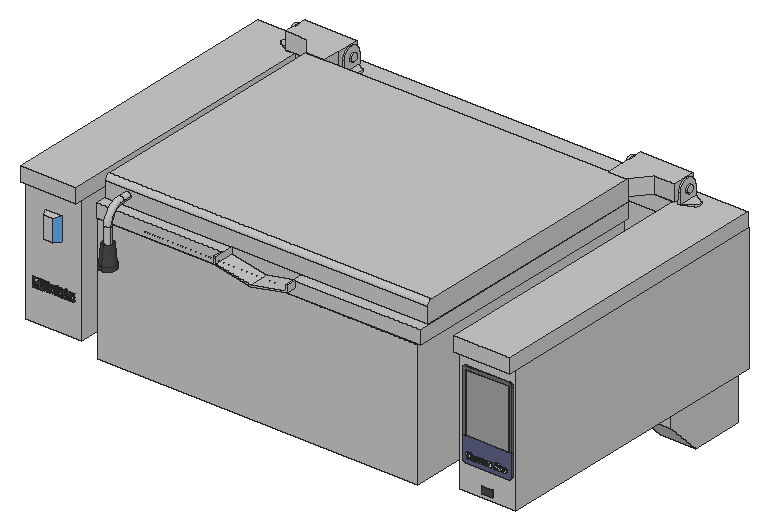
Revit family "QF_ELECTROLUXPROFESSIONAL_586285_PFET08EUEO", category Attrezzature speciali, Revit 2020 (continued)
Definition of nested family "QF_ELECTROLUXPROFESSIONAL_PBOT850H400_LEFT"
  Automatic sketch dimensions
    Extrusion 4 sketch curve to Extrusion 4 sketch curve = 1.528 mm
    Extrusion 4 sketch curve to plane 8 "TOP" = 290.598 mm
    Extrusion 4 sketch curve to Extrusion 4 sketch curve = 1.476 mm
    Extrusion 4 sketch curve to plane 8 "TOP" = 294.635 mm
    Extrusion 4 sketch curve to Extrusion 4 sketch curve = 1.469 mm
    Extrusion 4 sketch curve to Extrusion 4 sketch curve = 3.728 mm
    Extrusion 4 sketch curve to Extrusion 4 sketch curve = 0.046 mm
    Extrusion 4 sketch curve to Extrusion 4 sketch curve = 0.177 mm
    Extrusion 4 sketch curve to Extrusion 4 sketch curve = 0.947 mm
    Extrusion 4 sketch curve to Extrusion 4 sketch curve = 0.308 mm
    Extrusion 4 sketch curve to Extrusion 4 sketch curve = 0.091 mm
    Extrusion 4 sketch curve to Extrusion 4 sketch curve = 2.375 mm
    Extrusion 4 sketch curve to Extrusion 4 sketch curve = 0.94 mm
    Extrusion 4 sketch curve to Extrusion 4 sketch curve = 0.54 mm
    Extrusion 4 sketch curve to Extrusion 4 sketch curve = 0.102 mm
    Extrusion 4 sketch curve to Extrusion 4 sketch curve = 0.002 mm  (x4)
    Extrusion 4 sketch curve to Extrusion 4 sketch curve = 0.105 mm
    Extrusion 4 sketch curve to Extrusion 4 sketch curve = 0.097 mm
    Extrusion 4 sketch curve to Extrusion 4 sketch curve = 3.982 mm
    Extrusion 4 sketch curve to Extrusion 4 sketch curve = 0.17 mm
    Extrusion 4 sketch curve to Extrusion 4 sketch curve = 6.49 mm
    Extrusion 4 sketch curve to Extrusion 4 sketch curve = 1.777 mm
    Extrusion 4 sketch curve to plane 8 "TOP" = 296.072 mm
    Extrusion 4 sketch curve to Extrusion 4 sketch curve = 0.63 mm
    Extrusion 4 sketch curve to Extrusion 4 sketch curve = 1.001 mm
    Extrusion 4 sketch curve to plane 8 "TOP" = 294.678 mm
    Extrusion 4 sketch curve to Extrusion 4 sketch curve = 1.393 mm
    Extrusion 4 sketch curve to Extrusion 4 sketch curve = 2.363 mm
    Extrusion 4 sketch curve to Extrusion 4 sketch curve = 2.253 mm
    Extrusion 4 sketch curve to Extrusion 4 sketch curve = 0.014 mm  (x4)
    Extrusion 4 sketch curve to Extrusion 4 sketch curve = 0.172 mm
    Extrusion 4 sketch curve to Extrusion 4 sketch curve = 0.096 mm
    Extrusion 4 sketch curve to Extrusion 4 sketch curve = 0.164 mm
    Extrusion 4 sketch curve to Extrusion 4 sketch curve = 0.298 mm
    Extrusion 4 sketch curve to Extrusion 4 sketch curve = 0.247 mm
    Extrusion 4 sketch curve to Extrusion 4 sketch curve = 0.084 mm
    Extrusion 4 sketch curve to Extrusion 4 sketch curve = 6.484 mm
    Extrusion 4 sketch curve to Extrusion 4 sketch curve = 2.596 mm
    Extrusion 4 sketch curve to Extrusion 4 sketch curve = 0.059 mm  (x2)
    Extrusion 4 sketch curve to Extrusion 4 sketch curve = 3.889 mm
    Extrusion 4 sketch curve to plane 8 "TOP" = 307.979 mm
    Extrusion 4 sketch curve to Extrusion 4 sketch curve = 6.029 mm
    Extrusion 4 sketch curve to plane 8 "TOP" = 305.988 mm
    Extrusion 4 sketch curve to Extrusion 4 sketch curve = 0.929 mm
    Extrusion 4 sketch curve to Extrusion 4 sketch curve = 1.102 mm
    Extrusion 4 sketch curve to Extrusion 4 sketch curve = 0.756 mm  (x2)
    Extrusion 4 sketch curve to plane 8 "TOP" = 306.353 mm
    Extrusion 4 sketch curve to Extrusion 4 sketch curve = 0.852 mm
    Extrusion 4 sketch curve to Extrusion 4 sketch curve = 0.108 mm
    Extrusion 4 sketch curve to Extrusion 4 sketch curve = 0.101 mm
    Extrusion 4 sketch curve to Extrusion 4 sketch curve = 0.072 mm
    Extrusion 4 sketch curve to Extrusion 4 sketch curve = 1.67 mm
    Extrusion 4 sketch curve to Extrusion 4 sketch curve = 1.834 mm
    Extrusion 4 sketch curve to Extrusion 4 sketch curve = 0.366 mm
    Extrusion 4 sketch curve to Extrusion 4 sketch curve = 0.993 mm
    Extrusion 4 sketch curve to Extrusion 4 sketch curve = 0.81 mm
    Extrusion 4 sketch curve to Extrusion 4 sketch curve = 1.026 mm  (x2)
    Extrusion 4 sketch curve to Extrusion 4 sketch curve = 4.272 mm
    Extrusion 4 sketch curve to Extrusion 4 sketch curve = 0.163 mm
    Extrusion 4 sketch curve to Extrusion 4 sketch curve = 0.551 mm
    Extrusion 4 sketch curve to Extrusion 4 sketch curve = 6.11 mm
    Extrusion 4 sketch curve to Extrusion 4 sketch curve = 1.451 mm
    Extrusion 4 sketch curve to Extrusion 4 sketch curve = 5.217 mm
    Extrusion 4 sketch curve to Extrusion 4 sketch curve = 0.045 mm  (x2)
    Extrusion 4 sketch curve to Extrusion 4 sketch curve = 0.241 mm
    Extrusion 4 sketch curve to Extrusion 4 sketch curve = 0.039 mm
    Extrusion 4 sketch curve to Extrusion 4 sketch curve = 1.134 mm
    Extrusion 4 sketch curve to Extrusion 4 sketch curve = 2.351 mm
    Extrusion 4 sketch curve to Extrusion 4 sketch curve = 3.993 mm
    Extrusion 4 sketch curve to Extrusion 4 sketch curve = 10.128 mm
    Extrusion 4 sketch curve to Extrusion 4 sketch curve = 0.956 mm
    Extrusion 4 sketch curve to Extrusion 4 sketch curve = 1.263 mm
    Extrusion 4 sketch curve to Extrusion 4 sketch curve = 2.577 mm
    Extrusion 4 sketch curve to Extrusion 4 sketch curve = 0.243 mm
    Extrusion 4 sketch curve to Extrusion 4 sketch curve = 0.031 mm
    Extrusion 4 sketch curve to Extrusion 4 sketch curve = 7.148 mm
    Extrusion 4 sketch curve to Extrusion 4 sketch curve = 1.502 mm
    Extrusion 4 sketch curve to Extrusion 4 sketch curve = 11.54 mm
    Extrusion 4 sketch curve to Extrusion 4 sketch curve = 11.758 mm
    Extrusion 4 sketch curve to Extrusion 4 sketch curve = 4.097 mm
    Extrusion 4 sketch curve to Extrusion 4 sketch curve = 0.011 mm
    Extrusion 4 sketch curve to Extrusion 4 sketch curve = 4.488 mm
    Extrusion 4 sketch curve to Extrusion 4 sketch curve = 11.908 mm
    Extrusion 4 sketch curve to Extrusion 4 sketch curve = 2.236 mm
    Extrusion 4 sketch curve to Extrusion 4 sketch curve = 0.22 mm
    Extrusion 4 sketch curve to Extrusion 4 sketch curve = 0.319 mm
    Extrusion 4 sketch curve to Extrusion 4 sketch curve = 1.192 mm
    Extrusion 4 sketch curve to Extrusion 4 sketch curve = 3.577 mm  (x2)
    Extrusion 4 sketch curve to Extrusion 4 sketch curve = 3.444 mm  (x2)
    Extrusion 4 sketch curve to Extrusion 4 sketch curve = 1.626 mm  (x2)
    Extrusion 4 sketch curve to Extrusion 4 sketch curve = 2.021 mm
    Extrusion 4 sketch curve to Extrusion 4 sketch curve = 2.967 mm
    Extrusion 4 sketch curve to Extrusion 4 sketch curve = 1.22 mm
    Extrusion 4 sketch curve to Extrusion 4 sketch curve = 3.412 mm
    Extrusion 4 sketch curve to Extrusion 4 sketch curve = 0.892 mm  (x3)
    Extrusion 4 sketch curve to Extrusion 4 sketch curve = 0.58 mm  (x2)
    Extrusion 4 sketch curve to Extrusion 4 sketch curve = 2.117 mm
    Extrusion 4 sketch curve to Extrusion 4 sketch curve = 0.295 mm  (x2)
    Extrusion 4 sketch curve to Extrusion 4 sketch curve = 0.618 mm
    Extrusion 4 sketch curve to Extrusion 4 sketch curve = 1.65 mm
    Extrusion 4 sketch curve to Extrusion 4 sketch curve = 1.662 mm
    Extrusion 4 sketch curve to Extrusion 4 sketch curve = 0.013 mm  (x2)
    Extrusion 4 sketch curve to Extrusion 4 sketch curve = 0.292 mm
    Extrusion 4 sketch curve to Extrusion 4 sketch curve = 0.107 mm  (x2)
    Extrusion 4 sketch curve to Extrusion 4 sketch curve = 0.068 mm  (x2)
    Extrusion 4 sketch curve to Extrusion 4 sketch curve = 2.361 mm
    Extrusion 4 sketch curve to Extrusion 4 sketch curve = 2.359 mm
    Extrusion 4 sketch curve to Extrusion 4 sketch curve = 0.531 mm  (x2)
    Extrusion 4 sketch curve to Extrusion 4 sketch curve = 0.928 mm  (x2)
    Extrusion 4 sketch curve to Extrusion 4 sketch curve = 1.058 mm
    Extrusion 4 sketch curve to Extrusion 4 sketch curve = 0.297 mm  (x2)
    Extrusion 4 sketch curve to Extrusion 4 sketch curve = 0.155 mm  (x2)
    Extrusion 4 sketch curve to Extrusion 4 sketch curve = 0.182 mm  (x2)
    Extrusion 4 sketch curve to Extrusion 4 sketch curve = 0.607 mm  (x2)
    Extrusion 4 sketch curve to Extrusion 4 sketch curve = 0.372 mm  (x2)
    Extrusion 4 sketch curve to Extrusion 4 sketch curve = 0.016 mm  (x2)
    Extrusion 4 sketch curve to Extrusion 4 sketch curve = 0.996 mm
    Extrusion 4 sketch curve to Extrusion 4 sketch curve = 0.93 mm
    Extrusion 4 sketch curve to Extrusion 4 sketch curve = 0.709 mm  (x2)
    Extrusion 4 sketch curve to Extrusion 4 sketch curve = 1.017 mm
    Extrusion 4 sketch curve to Extrusion 4 sketch curve = 4.718 mm
    Extrusion 4 sketch curve to Extrusion 4 sketch curve = 0.891 mm
    Extrusion 4 sketch curve to Extrusion 4 sketch curve = 3.826 mm
    Extrusion 4 sketch curve to Extrusion 4 sketch curve = 0.954 mm
    Extrusion 4 sketch curve to Extrusion 4 sketch curve = 5.576 mm
    Extrusion 4 sketch curve to Extrusion 4 sketch curve = 5.661 mm  (x2)
    Extrusion 4 sketch curve to Extrusion 4 sketch curve = 0.006 mm
    Extrusion 4 sketch curve to Extrusion 4 sketch curve = 2.203 mm
    Extrusion 4 sketch curve to Extrusion 4 sketch curve = 2.21 mm
    Extrusion 4 sketch curve to Extrusion 4 sketch curve = 1.607 mm
    Extrusion 4 sketch curve to Extrusion 4 sketch curve = 3.92 mm
    Extrusion 4 sketch curve to Extrusion 4 sketch curve = 0.05 mm
    Extrusion 4 sketch curve to Extrusion 4 sketch curve = 1.776 mm
    Extrusion 4 sketch curve to Extrusion 4 sketch curve = 4.017 mm
    Extrusion 4 sketch curve to Extrusion 4 sketch curve = 0.196 mm  (x2)
    Extrusion 4 sketch curve to Extrusion 4 sketch curve = 0.19 mm
    Extrusion 4 sketch curve to Extrusion 4 sketch curve = 1.312 mm
    Extrusion 4 sketch curve to Extrusion 4 sketch curve = 0.146 mm
    Extrusion 4 sketch curve to Extrusion 4 sketch curve = 2.831 mm
    Extrusion 4 sketch curve to Extrusion 4 sketch curve = 0.387 mm
    Extrusion 4 sketch curve to Extrusion 4 sketch curve = 0.174 mm
    Extrusion 4 sketch curve to Extrusion 4 sketch curve = 4.623 mm
    Extrusion 4 sketch curve to Extrusion 4 sketch curve = 1.754 mm
    Extrusion 4 sketch curve to Extrusion 4 sketch curve = 0.188 mm
    Extrusion 4 sketch curve to Extrusion 4 sketch curve = 0.02 mm
    Extrusion 4 sketch curve to Extrusion 4 sketch curve = 0.313 mm
    Extrusion 4 sketch curve to Extrusion 4 sketch curve = 0.12 mm
    Extrusion 4 sketch curve to Extrusion 4 sketch curve = 0.062 mm
    Extrusion 4 sketch curve to Extrusion 4 sketch curve = 0.568 mm
    Extrusion 4 sketch curve to Extrusion 4 sketch curve = 0.095 mm
    Extrusion 4 sketch curve to Extrusion 4 sketch curve = 0.357 mm
    Extrusion 4 sketch curve to Extrusion 4 sketch curve = 0.008 mm
    Extrusion 4 sketch curve to Extrusion 4 sketch curve = 0.36 mm
    Extrusion 4 sketch curve to Extrusion 4 sketch curve = 3.784 mm
    Extrusion 4 sketch curve to Extrusion 4 sketch curve = 1.654 mm
    Extrusion 4 sketch curve to Extrusion 4 sketch curve = 1.454 mm
    Extrusion 4 sketch curve to Extrusion 4 sketch curve = 3.429 mm
    Extrusion 4 sketch curve to Extrusion 4 sketch curve = 1.094 mm
    Extrusion 4 sketch curve to Extrusion 4 sketch curve = 2.218 mm
    Extrusion 4 sketch curve to Extrusion 4 sketch curve = 1.404 mm
    Extrusion 4 sketch curve to Extrusion 4 sketch curve = 5.959 mm
    Extrusion 4 sketch curve to Extrusion 4 sketch curve = 1.424 mm
    Extrusion 4 sketch curve to Extrusion 4 sketch curve = 3.23 mm
    Extrusion 4 sketch curve to Extrusion 4 sketch curve = 1.975 mm
    Extrusion 4 sketch curve to Extrusion 4 sketch curve = 3.779 mm
    Extrusion 4 sketch curve to Extrusion 4 sketch curve = 2.212 mm
    Extrusion 4 sketch curve to Extrusion 4 sketch curve = 3.78 mm
    Extrusion 4 sketch curve to Extrusion 4 sketch curve = 1.279 mm
    Extrusion 4 sketch curve to Extrusion 4 sketch curve = 1.343 mm  (x2)
    Extrusion 4 sketch curve to Extrusion 4 sketch curve = 1.353 mm  (x2)
    Extrusion 4 sketch curve to Extrusion 4 sketch curve = 0.027 mm  (x2)
    Extrusion 4 sketch curve to Extrusion 4 sketch curve = 0.395 mm  (x2)
    Extrusion 4 sketch curve to Extrusion 4 sketch curve = 0.329 mm  (x2)
    Extrusion 4 sketch curve to Extrusion 4 sketch curve = 0.425 mm  (x2)
    Extrusion 4 sketch curve to Extrusion 4 sketch curve = 0.051 mm  (x2)
    Extrusion 4 sketch curve to Extrusion 4 sketch curve = 0.495 mm  (x2)
    Extrusion 4 sketch curve to Extrusion 4 sketch curve = 0.267 mm  (x2)
    Extrusion 4 sketch curve to Extrusion 4 sketch curve = 1.4 mm
    Extrusion 4 sketch curve to Extrusion 4 sketch curve = 5.233 mm
    Extrusion 4 sketch curve to Extrusion 4 sketch curve = 2.062 mm
    Extrusion 2 sketch curve to plane 13 = 105.0 mm
    plane 16 to Extrusion 6 sketch curve = 0.0 mm  (x2)
    Extrusion 6 sketch curve to plane 18 = 0.0 mm
    Extrusion 6 sketch curve to plane 17 = 0.0 mm
    Extrusion 5 sketch curve to plane 13 = 60.0 mm
    Extrusion 5 sketch curve to plane 15 = 90.0 mm
    radius of Extrusion 2 sketch curve = 6.35 mm  (x2)
    radius of Extrusion 4 sketch curve = 2.453 mm
    radius of Extrusion 4 sketch curve = 1.557 mm
    radius of Extrusion 4 sketch curve = 1.468 mm
    radius of Extrusion 4 sketch curve = 2.451 mm
    radius of Extrusion 6 sketch curve = 5.0 mm  (x2)
Definition of nested family "QF_ELECTROLUXPROFESSIONAL_PBOT850H400_RIGHT"
  Parameters
    Width = 160.0 mm
    Right = Width / 2  # 80.0 mm
    Default Elevation = 0.0 mm
    Left = -Width / 2  # -80.0 mm
    Htop = 40.0 mm
    Height = 900.0 mm
    HBase = 200.0 mm
    EI_z = 450.0 mm
    EI_y = 239.0 mm
    Depth = 850.0 mm
    BorderFront = 20.0 mm
    Body Finish [instance] = none
  Reference planes
    plane 1 "Center (Front/Back)": y = 0
    plane 2: z = 0
    plane 3 "Center (Left/Right)": x = 0
    plane 4 "LEFT": x = -80
    plane 5 "RIGHT": x = 80
    plane 6 "BACK": y = 425
    plane 7 "FRONT": y = -425
    plane 8 "Base": z = 350
    plane 9 "TOP": z = 900
    plane 10 "BorderFront": y = -405
    plane 11: z = 860
    plane 12 "EI": z = 450
    plane 13: z = 500
    plane 14: y = 185
    plane 15: z = 800
    plane 16: z = 525
    plane 17: x = -30
  Forms (mm)
    Extrusion 1, solid
      sketch origin (0, 0, 0) x (1, 0, 0) y (0, 1, 0)
        loop
          line (-80, 425) -> (-80, -405) -> (80, -405) -> (80, 425) -> (-80, 425)
      from 860 to 500
    Extrusion 2, solid
      sketch origin (0, -405, 0) x (-1, 0, 0) y (0, 0, 1)
        loop
          line (59.714, 823.989) -> (-61.821, 823.989)
          arc (-61.821, 823.989) -> (-68.892, 821.06) -> (-71.821, 813.989) r 10
          line (-71.821, 813.989) -> (-71.821, 644.744) -> (-61.821, 644.744) -> (-61.821, 813.989) -> (59.714, 813.989) -> (59.714, 644.744) -> (69.714, 644.744) -> (69.714, 813.989)
          arc (69.714, 813.989) -> (66.786, 821.06) -> (59.714, 823.989) r 10
      from 0 to -3
    Extrusion 3, solid
      sketch origin (0, -405, 0) x (-1, 0, 0) y (0, 0, 1)
        loop
          line (69.714, 585) -> (69.714, 644.744) -> (-71.821, 644.744) -> (-71.821, 585)
          arc (-71.821, 585) -> (-68.892, 577.929) -> (-61.821, 575) r 10
          line (-61.821, 575) -> (59.714, 575)
          arc (59.714, 575) -> (66.786, 577.929) -> (69.714, 585) r 10
      from -3 to 0
    Extrusion 4, solid
      sketch origin (234.714, -405, 0) x (-1, 0, 0) y (0, 0, 1)
        loop
          line (294.429, 813.989) -> (172.894, 813.989) -> (172.894, 644.744) -> (294.429, 644.744) -> (294.429, 813.989)
      from 0 to -3
    Extrusion 5, solid
      sketch origin (0, -405, 0) x (-1, 0, 0) y (0, 0, 1)
        loop
          line (15, 530) -> (-15, 530) -> (-15, 510) -> (15, 510) -> (15, 530)
      from -1.6 to 0
    Extrusion 6, solid
      sketch origin (0, 425, 0) x (-1, 0, 0) y (0, 0, 1)
        loop
          circle (0, 450) r 5
      from 0 to 2
    Extrusion 7, solid
      sketch origin (0, 0, 0) x (0, 1, 0) y (0, 0, 1)
        loop
          line (425, 500) -> (185, 500) -> (185, 440) -> (275, 350) -> (425, 350) -> (425, 500)
      from -50 to 50
    Extrusion 8, void
      sketch origin (0, 425, 0) x (-1, 0, 0) y (0, 0, 1)
        loop
          circle (30, 800) r 5
        loop
          circle (30, 525) r 5
      from 0 to -5
  Cuts and joins
    Extrusion 8 cuts Extrusion 1
  Lines and regions (mm)
    symbolic lines
      curve 1: line (-80, 425, 0) -> (80, 425, 0)
      curve 2: line (80, 425, 0) -> (80, -405, 0)
  Dimensions and locks
    "Width": plane 4 "LEFT" to plane 5 "RIGHT"
    equal spacing: plane 4 "LEFT", plane 3 "Center (Left/Right)", plane 5 "RIGHT"
    equal spacing: plane 6 "BACK", plane 1 "Center (Front/Back)", plane 7 "FRONT"
    "Depth": plane 6 "BACK" to plane 7 "FRONT"
    "BorderFront": plane 10 "BorderFront" to plane 7 "FRONT"
    "Htop": plane 9 "TOP" to plane 11
    "Height": plane 9 "TOP" to level
    locked: plane 11 to plane 13 at 360
    plane 13 to plane 8 "Base" = 150.0 mm
    plane 6 "BACK" to plane 14 = 240.0 mm
    "EI_z": plane 12 "EI" to level
    plane 11 to level = 860.0 mm
    plane 16 to plane 15 to plane 11 = 275.0 mm, 60.0 mm
    plane 5 "RIGHT" to plane 17 = 110.0 mm
    aligned and locked: level to plane 2
    aligned and locked: plane 10 "BorderFront" to Extrusion 1 sketch curve
    aligned and locked: plane 11 to Extrusion 1
    aligned and locked: plane 4 "LEFT" to Extrusion 1 sketch curve
    aligned and locked: Extrusion 1 sketch curve to plane 5 "RIGHT"
    aligned and locked: Extrusion 1 sketch curve to plane 6 "BACK"
    aligned and locked: Extrusion 1 to plane 13
    aligned and locked: plane 6 "BACK" to Extrusion 7 sketch curve
    aligned and locked: plane 13 to Extrusion 7 sketch curve
    aligned and locked: Extrusion 7 sketch curve to plane 8 "Base"
    aligned and locked: plane 14 to Extrusion 7 sketch curve
  Automatic sketch dimensions
    Extrusion 2 sketch curve to plane 5 "RIGHT" = 8.179 mm
    Extrusion 2 sketch curve to Extrusion 2 sketch curve = 10.0 mm  (x2)
    Extrusion 2 sketch curve to Extrusion 2 sketch curve = 0.0 mm  (x4)
    plane 4 "LEFT" to Extrusion 2 sketch curve = 20.286 mm
    Extrusion 2 sketch curve to plane 11 = 215.256 mm
    Extrusion 2 sketch curve to plane 11 = 46.011 mm
    Extrusion 3 sketch curve to plane 5 "RIGHT" = 8.179 mm
    plane 4 "LEFT" to Extrusion 3 sketch curve = 20.286 mm
    plane 4 "LEFT" to Extrusion 3 sketch curve = 10.286 mm
    Extrusion 3 sketch curve to plane 11 = 285.0 mm
    Extrusion 3 sketch curve to Extrusion 3 sketch curve = 59.744 mm
    Extrusion 3 sketch curve to Extrusion 3 sketch curve = 10.0 mm
    plane 4 "LEFT" to Extrusion 4 sketch curve = 20.286 mm
    Extrusion 4 sketch curve to plane 11 = 46.011 mm
    Extrusion 4 sketch curve to plane 5 "RIGHT" = 18.179 mm
    Extrusion 4 sketch curve to Extrusion 4 sketch curve = 169.244 mm
    Extrusion 6 sketch curve to plane 3 "Center (Left/Right)" = 0.0 mm
    Extrusion 6 sketch curve to plane 12 "EI" = 0.0 mm
    curve 1 to plane 4 "LEFT" = 0.0 mm
    curve 1 to plane 5 "RIGHT" = 0.0 mm
    curve 2 to plane 10 "BorderFront" = 0.0 mm
    curve 1 to plane 6 "BACK" = 0.0 mm
    plane 3 "Center (Left/Right)" to Extrusion 5 sketch curve = 15.0 mm
    Extrusion 5 sketch curve to plane 3 "Center (Left/Right)" = 15.0 mm
    plane 12 "EI" to Extrusion 5 sketch curve = 60.0 mm
    Extrusion 5 sketch curve to Extrusion 5 sketch curve = 20.0 mm
    Extrusion 8 sketch curve to plane 16 = 0.0 mm
    plane 17 to Extrusion 8 sketch curve = 0.0 mm  (x2)
    Extrusion 8 sketch curve to plane 15 = 0.0 mm
    Extrusion 7 sketch curve to plane 12 "EI" = 10.0 mm
    Extrusion 7 sketch curve to plane 14 = 90.0 mm
    radius of Extrusion 6 sketch curve = 5.0 mm
    radius of Extrusion 8 sketch curve = 5.0 mm  (x2)
  Nested families
    nested 1: "ELX_ThermaLine" at (-0.906, -408, 593.675) x (1, 0, 0) z (0, -1, 0), type "ELX_ThermaLine"
      with Show Logo yes, Material_Logo none
  Definition of nested family "ELX_ThermaLine"
    Parameters
      Show Logo [instance] = yes
      Material_Logo [instance] = none
      Default Elevation = 0.0 mm
    Reference planes
      plane 1 "Centro (Fronte/Retro)": y = 0
      plane 2: z = 0
      plane 3 "Centro (Sinistra/Destra)": x = 0
    Forms (mm)
      Extrusion 1, solid
        sketch origin (0, 0, 0) x (1, 0, 0) y (0, 1, 0)
          loop
            line (-1219.2, 1219.2) -> (-1219.2, -1219.2) -> (1219.2, -1219.2) -> (1219.2, 1219.2) -> (-1219.2, 1219.2)
        from 0 to -304.8
      Extrusion 2, solid
        sketch origin (0, 0, 0) x (1, 0, 0) y (0, 1, 0)
          loop
            line (-52.84, 4.345) -> (-50.793, 4.345) -> (-50.793, 6.716) -> (-52.84, 6.716) -> (-52.84, 10.788) -> (-55.901, 9.058) -> (-55.901, 6.716) -> (-57.324, 6.716) -> (-57.324, 4.345) -> (-55.901, 4.345) -> (-55.901, -1.637)
            arc (-55.901, -1.637) -> (-54.76, -4.355) -> (-51.88, -4.985) r 3.198
            line (-51.88, -4.985) -> (-50.444, -4.597) -> (-50.782, -2.189) -> (-51.765, -2.453)
            arc (-51.765, -2.453) -> (-52.506, -2.305) -> (-52.84, -1.628) r 0.854
            line (-52.84, -1.628) -> (-52.84, 4.345)
          loop
            line (-48.642, 11.198) -> (-48.642, -4.787) -> (-45.561, -4.787) -> (-45.561, 2.659)
            arc (-45.561, 2.659) -> (-44.379, 4.372) -> (-42.304, 4.523) r 2.408
            arc (-42.304, 4.523) -> (-41.484, 3.75) -> (-41.182, 2.665) r 2.099
            line (-41.182, 2.665) -> (-41.182, -4.787) -> (-38.117, -4.787) -> (-38.088, 2.166)
            arc (-38.088, 2.166) -> (-38.343, 3.963) -> (-39.021, 5.646) r 7.517
            arc (-39.021, 5.646) -> (-42.369, 6.971) -> (-45.561, 5.303) r 4.327
            line (-45.561, 5.303) -> (-45.561, 11.198) -> (-48.642, 11.198)
          loop
            arc (-28.196, 1.988) -> (-28.834, 3.893) -> (-30.683, 4.679) r 2.449
            arc (-30.683, 4.679) -> (-32.149, 3.674) -> (-32.711, 1.988) r 2.793
            line (-32.711, 1.988) -> (-28.196, 1.988)
          loop
            arc (-25.128, 0.121) -> (-26.074, 4.342) -> (-29.545, 6.923) r 6.212
            arc (-29.545, 6.923) -> (-33.021, 6.358) -> (-35.352, 3.718) r 5.232
            arc (-35.352, 3.718) -> (-35.918, 1.148) -> (-35.633, -1.468) r 8.117
            arc (-35.633, -1.468) -> (-34.524, -3.319) -> (-32.789, -4.603) r 5.523
            arc (-32.789, -4.603) -> (-28.402, -4.744) -> (-25.297, -1.641) r 5.523
            line (-25.297, -1.641) -> (-28.327, -1.106)
            arc (-28.327, -1.106) -> (-29.324, -2.396) -> (-30.951, -2.501) r 1.982
            arc (-30.951, -2.501) -> (-32.276, -1.475) -> (-32.789, 0.121) r 2.835
            line (-32.789, 0.121) -> (-25.128, 0.121)
          loop
            line (-22.733, -4.787) -> (-19.705, -4.787) -> (-19.705, 0)
            arc (-19.705, 0) -> (-19.663, 1.267) -> (-19.469, 2.521) r 10.557
            arc (-19.469, 2.521) -> (-18.189, 4.014) -> (-16.237, 3.761) r 2.069
            line (-16.237, 3.761) -> (-15.318, 6.433)
            arc (-15.318, 6.433) -> (-17.915, 6.783) -> (-19.931, 5.11) r 3.262
            line (-19.931, 5.11) -> (-19.931, 6.752) -> (-22.733, 6.752) -> (-22.733, -4.787)
          loop
            line (-14.233, 6.752) -> (-14.233, -4.787) -> (-11.135, -4.787) -> (-11.135, 1.783)
            arc (-11.135, 1.783) -> (-10.552, 3.635) -> (-8.862, 4.59) r 2.646
            arc (-8.862, 4.59) -> (-7.677, 3.931) -> (-7.234, 2.65) r 1.899
            line (-7.234, 2.65) -> (-7.234, -4.787) -> (-4.155, -4.787) -> (-4.155, 1.467)
            arc (-4.155, 1.467) -> (-3.845, 2.923) -> (-2.97, 4.128) r 3.581
            arc (-2.97, 4.128) -> (-1.581, 4.474) -> (-0.516, 3.516) r 1.525
            arc (-0.516, 3.516) -> (-0.324, 2.735) -> (-0.304, 1.931) r 3.735
            line (-0.304, 1.931) -> (-0.304, -4.787) -> (2.776, -4.787) -> (2.776, 3.096)
            arc (2.776, 3.096) -> (1.833, 5.68) -> (-0.612, 6.942) r 3.784
            arc (-0.612, 6.942) -> (-2.795, 6.596) -> (-4.513, 5.205) r 4.271
            arc (-4.513, 5.205) -> (-5.893, 6.457) -> (-7.686, 6.964) r 4.079
            arc (-7.686, 6.964) -> (-9.75, 6.555) -> (-11.39, 5.237) r 4.412
            line (-11.39, 5.237) -> (-11.39, 6.752) -> (-14.233, 6.752)
          loop
            line (5.334, 3.712) -> (8.069, 3.23)
            arc (8.069, 3.23) -> (10.312, 4.685) -> (12.137, 2.73) r 2.082
            line (12.137, 2.73) -> (8.171, 1.741)
            arc (8.171, 1.741) -> (6.593, 1.022) -> (5.378, -0.215) r 4.758
            arc (5.378, -0.215) -> (5.225, -1.991) -> (5.744, -3.697) r 4.711
            arc (5.744, -3.697) -> (7.301, -4.682) -> (9.118, -4.992) r 4.691
            arc (9.118, -4.992) -> (10.903, -4.593) -> (12.411, -3.558) r 4.818
            line (12.411, -3.558) -> (12.81, -4.787) -> (15.873, -4.787) -> (15.179, -2.652) -> (15.179, 3.25)
            arc (15.179, 3.25) -> (14.773, 5.146) -> (13.38, 6.496) r 3.336
            arc (13.38, 6.496) -> (10.765, 7.201) -> (8.091, 6.773) r 6.459
            arc (8.091, 6.773) -> (6.348, 5.57) -> (5.334, 3.712) r 4.569
          loop
            line (21.001, -4.787) -> (24.24, -4.787) -> (27.623, 11.127) -> (24.384, 11.127) -> (21.001, -4.787)
          loop
            line (27.273, -4.787) -> (30.332, -4.787) -> (32.777, 6.716) -> (29.718, 6.716) -> (27.273, -4.787)
          loop
            line (30.656, 11.127) -> (30.058, 8.314) -> (33.117, 8.314) -> (33.715, 11.127) -> (30.656, 11.127)
          loop
            line (33.431, -4.787) -> (36.649, -4.787) -> (38.261, 2.796)
            arc (38.261, 2.796) -> (39.644, 4.445) -> (41.791, 4.594) r 2.751
            arc (41.791, 4.594) -> (42.425, 3.729) -> (42.502, 2.659) r 1.936
            line (42.502, 2.659) -> (40.919, -4.787) -> (43.989, -4.787) -> (45.795, 3.712)
            arc (45.795, 3.712) -> (45.588, 5.458) -> (44.361, 6.716) r 2.734
            arc (44.361, 6.716) -> (41.222, 6.857) -> (38.516, 5.259) r 5.512
            line (38.516, 5.259) -> (38.826, 6.716) -> (35.876, 6.716) -> (33.431, -4.787)
          loop
            line (50.773, 1.934) -> (55.672, 1.934)
            arc (55.672, 1.934) -> (55.737, 2.919) -> (55.334, 3.821) r 2.051
            arc (55.334, 3.821) -> (53.773, 4.722) -> (52.024, 4.287) r 2.407
            arc (52.024, 4.287) -> (51.223, 3.203) -> (50.773, 1.934) r 4.566
          loop
            line (50.479, 0) -> (58.259, 0)
            arc (58.259, 0) -> (58.241, 3.53) -> (56.181, 6.396) r 5.8
            arc (56.181, 6.396) -> (52.577, 6.992) -> (49.395, 5.199) r 5.498
            arc (49.395, 5.199) -> (47.819, 2.372) -> (47.536, -0.853) r 7.747
            arc (47.536, -0.853) -> (48.406, -3.006) -> (50.236, -4.437) r 4.494
            arc (50.236, -4.437) -> (52.672, -4.934) -> (55.109, -4.437) r 6.224
            arc (55.109, -4.437) -> (56.76, -3.346) -> (57.916, -1.739) r 5.478
            line (57.916, -1.739) -> (55.129, -1.247)
            arc (55.129, -1.247) -> (53.897, -2.495) -> (52.149, -2.637) r 2.52
            arc (52.149, -2.637) -> (50.809, -1.638) -> (50.479, 0) r 2.336
          loop
            line (12.154, 0.755) -> (8.732, -0.098)
            arc (8.732, -0.098) -> (8.126, -1.288) -> (8.732, -2.478) r 1.471
            arc (8.732, -2.478) -> (10.437, -2.725) -> (11.827, -1.706) r 2.276
            arc (11.827, -1.706) -> (12.142, -0.496) -> (12.154, 0.755) r 5.123
        from 0 to 1.6
    Dimensions and locks
      aligned and locked: plane 2 to Extrusion 1
      aligned and locked: level to Extrusion 1
Definition of nested family "QF_ELECTROLUXPROFESSIONAL_PFET900_LEVEL2"
  Parameters
    Default Elevation = 0.0 mm
    Assembly Code = ""
  Reference planes
    plane 1 "Center (Front/Back)": y = 0
    plane 2: z = 0
    plane 3 "Center (Left/Right)": x = 0
  Forms (mm)
    Sweep 1, solid
      path origin (0, 45, 0) x (0, 1, 0) y (0, 0, 1)
        loop
          line (-45, 0) -> (-70, 0)
          arc (-70, 0) -> (-101.82, -13.18) -> (-115, -45) r 45
          line (-115, -45) -> (-115, -90)
      profile origin (0, -12.5, 0) x (0, 0, -1) y (1, 0, 0)
        loop
          circle (0, 0) r 9
    Revolve 2, solid
      sketch origin (0, 45, 0) x (0, 1, 0) y (0, 0, 1)
        loop
          line (-115, -90) -> (-115, -152.379) -> (-92.246, -152.379) -> (-92.246, -142.379) -> (-94.495, -142.379) -> (-100, -90) -> (-115, -90)
        axis (-115, -90) -> (-115, -152.379)
      angle from 0 to 360
  Lines and regions (mm)
    symbolic lines
      curve 1: line (9, 0, 0) -> (9, -94.102, 0)
      curve 2: line (-9, 0, 0) -> (-9, -94.102, 0)
      curve 3: circle (0, -115, 0) r 22.754 normal (0, 0, 1)
  Dimensions and locks
    aligned and locked: level to plane 2
